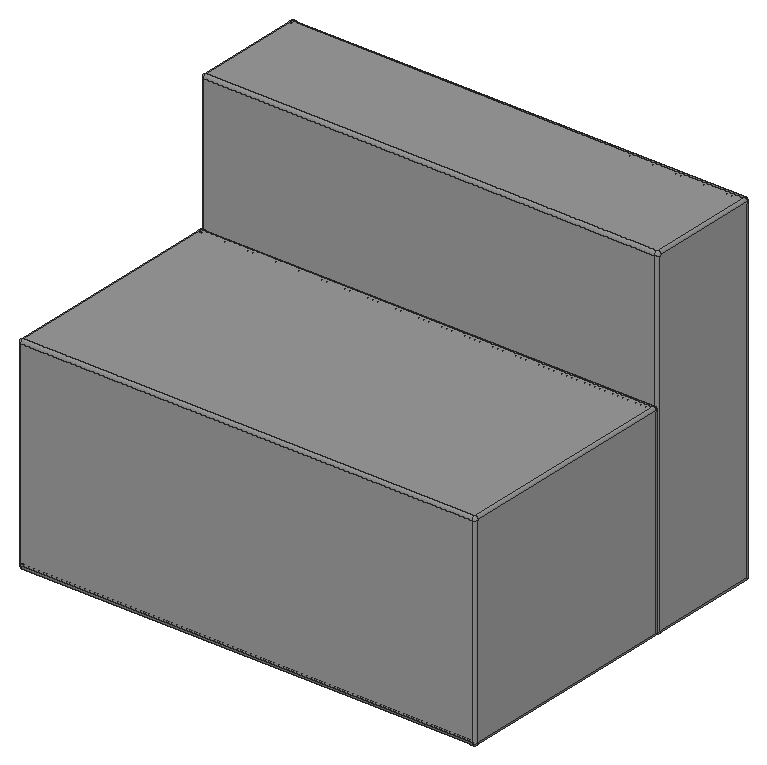
Revit family "TS1024 Elevate Wind Loveseat", category Generic Models, Revit 2018
Family settings
  Can host rebar = No
  Round Connector Dimension = Use Diameter
  Part Type = Normal
  Work Plane-Based = No
  Always vertical = Yes
  Cut with Voids When Loaded = No
  Shared = No
  Room Calculation Point = No
Parameters
  Seat Fabric = TS1024 Loveseat Seat Fabric
  Back Fabric = TS1024 Loveseat Back Fabric
Reference planes (in)
  plane 1 "Center (Front/Back)": y = 0
  plane 2: z = 0
  plane 3 "Center (Left/Right)": x = 0
Forms (in)
  Sweep 1, solid, material "TS1024 Loveseat Back Fabric" <- "Back Fabric"
    path origin (0, 0, 0) x (0, 1, 0) y (0, 0, 1)
      loop
        line (4.73021, 29.75) -> (-4.73021, 29.75)
        arc (-4.73021, 29.75) -> (-4.7442, 29.7442) -> (-4.75, 29.73021) r 0.01979
        line (-4.75, 29.73021) -> (-4.75, 0.26979)
        arc (-4.75, 0.26979) -> (-4.7442, 0.2558) -> (-4.73021, 0.25) r 0.01979
        line (-4.73021, 0.25) -> (4.73021, 0.25)
        arc (4.73021, 0.25) -> (4.7442, 0.2558) -> (4.75, 0.26979) r 0.01979
        line (4.75, 0.26979) -> (4.75, 29.73021)
        arc (4.75, 29.73021) -> (4.7442, 29.7442) -> (4.73021, 29.75) r 0.01979
    profile origin (0, 0, 29.75) x (0, 0, -1) y (1, 0, 0)
      loop
        line (0, -20) -> (0, 20)
        arc (0, 20) -> (-0.17678, 19.92678) -> (-0.25, 19.75) r 0.25
        line (-0.25, 19.75) -> (-0.25, -19.75)
        arc (-0.25, -19.75) -> (-0.17678, -19.92678) -> (0, -20) r 0.25
  Extrusion 2, solid, material "TS1024 Loveseat Back Fabric" <- "Back Fabric"
    sketch origin (0, 0, 0) x (0, 1, 0) y (0, 0, 1)
      loop
        arc (4.73021, 0.25) -> (4.7442, 0.2558) -> (4.75, 0.26979) r 0.01979
        line (4.75, 0.26979) -> (4.75, 29.73021)
        arc (4.75, 29.73021) -> (4.7442, 29.7442) -> (4.73021, 29.75) r 0.01979
        line (4.73021, 29.75) -> (-4.73021, 29.75)
        arc (-4.73021, 29.75) -> (-4.7442, 29.7442) -> (-4.75, 29.73021) r 0.01979
        line (-4.75, 29.73021) -> (-4.75, 0.26979)
        arc (-4.75, 0.26979) -> (-4.7442, 0.2558) -> (-4.73021, 0.25) r 0.01979
        line (-4.73021, 0.25) -> (4.73021, 0.25)
    from -20 to 20
  Sweep 3, solid, material "TS1024 Loveseat Seat Fabric" <- "Seat Fabric"
    path origin (0, -20, 0) x (0, 1, 0) y (0, 0, 1)
      loop
        line (14.73021, 17.75) -> (-4.73021, 17.75)
        arc (-4.73021, 17.75) -> (-4.7442, 17.7442) -> (-4.75, 17.73021) r 0.01979
        line (-4.75, 17.73021) -> (-4.75, 0.26979)
        arc (-4.75, 0.26979) -> (-4.7442, 0.2558) -> (-4.73021, 0.25) r 0.01979
        line (-4.73021, 0.25) -> (14.73021, 0.25)
        arc (14.73021, 0.25) -> (14.7442, 0.2558) -> (14.75, 0.26979) r 0.01979
        line (14.75, 0.26979) -> (14.75, 17.73021)
        arc (14.75, 17.73021) -> (14.7442, 17.7442) -> (14.73021, 17.75) r 0.01979
    profile origin (0, -15, 17.75) x (0, 0, -1) y (1, 0, 0)
      loop
        line (0, -20) -> (0, 20)
        arc (0, 20) -> (-0.17678, 19.92678) -> (-0.25, 19.75) r 0.25
        line (-0.25, 19.75) -> (-0.25, -19.75)
        arc (-0.25, -19.75) -> (-0.17678, -19.92678) -> (0, -20) r 0.25
  Extrusion 4, solid, material "TS1024 Loveseat Seat Fabric" <- "Seat Fabric"
    sketch origin (0, -20, 0) x (0, 1, 0) y (0, 0, 1)
      loop
        arc (14.73021, 0.25) -> (14.7442, 0.2558) -> (14.75, 0.26979) r 0.01979
        line (14.75, 0.26979) -> (14.75, 17.73021)
        arc (14.75, 17.73021) -> (14.7442, 17.7442) -> (14.73021, 17.75) r 0.01979
        line (14.73021, 17.75) -> (-4.73021, 17.75)
        arc (-4.73021, 17.75) -> (-4.7442, 17.7442) -> (-4.75, 17.73021) r 0.01979
        line (-4.75, 17.73021) -> (-4.75, 0.26979)
        arc (-4.75, 0.26979) -> (-4.7442, 0.2558) -> (-4.73021, 0.25) r 0.01979
        line (-4.73021, 0.25) -> (14.73021, 0.25)
    from -20 to 20
Dimensions and locks (in)
  aligned and locked: plane 2 to level
